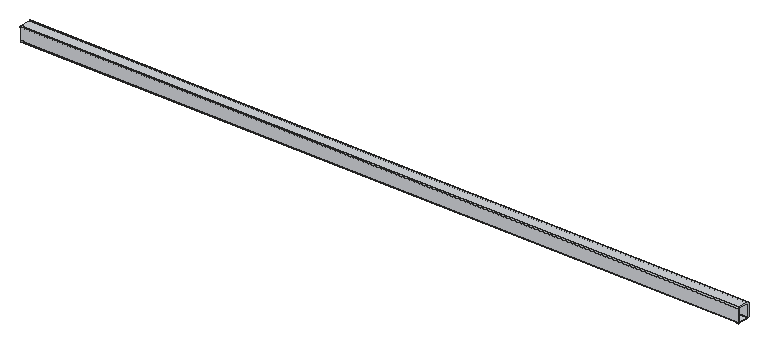
Revit family "CENTUM Profil XL 120 6m quer L2D", category HLS-Bauteile, Revit 2023
Family settings
  Bemaßung runder Anschluss = Durchmesser verwenden
  Teiletyp = Normal
  Arbeitsebenenbasiert = Ja
  Immer vertikal = Nein
  Beim Laden mit Abzugskörper schneiden = Nein
  Beschriftungsausrichtung beibehalten = Nein
  Gemeinsam genutzt = Ja
  Raumberechnungspunkt = Nein
Parameters (values of type "Centum Profil XL120 L=6000 L2D")
  vpe = "6"
  Widerstandsmoment Wz = "47.44 cm³"
  Widerstandsmoment Wy = "51.76 cm³"
  Default Elevation = 1219.2 mm
  Trägheitsradius iz = "4.05 cm"
  Trägheitsradius iy = "4.64 cm"
  Torsionswiderstandsmoment Wt = "89.10 cm³"
  Stärke = 4 mm
  Streckgrenze = "235 N/mm²"
  Schwerpunktabstand ez = " cm"
  Schwerpunktabstand eu = " cm"
  Schwerpunktabstand eo = " cm"
  Schlitzbreite = " mm"
  Regelhalter [instance] = ""
  Profiltyp = "XL 120"
  Profil = "CENTUM"
  Oberflaeche = "feuerstückverzinkt"
  Montagelänge [instance] = 6000 mm
  Mengeneinheit = "m"
  Materialname = "S275"
  Material = "Stahl"
  Länge = 6000 mm
  Lochdurchmesser = " mm"
  Langloch = "14.0 x 65.0 mm"
  Kurztext2 = "100 / 120 / 4 mm L= 6 m fsv"
  Kurztext1 = "Montageprofil CENTUM XL 120"
  Höhe = "120 mm"
  Gewicht pro Stück [instance] = (Gewicht * Montagelänge / (1000 mm * 1000 mm)) * 1000 mm  # 73.20 kg
  Gewicht pro Bauteil [instance] = Gewicht pro Stück  # 73.20 kg
  Gewicht = 12.20 kg
  Gesamtlänge [instance] = Montagelänge  # 6000 mm
  Gesamtgewicht [instance] = Gewicht pro Bauteil  # 73.20 kg
  Fläche (schwächster Profilquerschnitt) = 0.001445 m²
  Firma = "MEFA Befestigungs- und Montagesysteme GmbH"
  Fabrikat = "MEFA"
  Erweiterung Langloch = " mm"
  EAN = "4250928436641"
  Bund = "72 m"
  Breite = 100 mm
  Artikelnummer = "16012060"
  Anzahl Langloch [instance] = Montagelänge / 80 mm  # 75
  Abmessung = "100/120/4.0 mm"
Reference planes
  plane 1 "Mitte (Vorne/hinten)": y = 0
  plane 2: z = 0
  plane 3 "Mitte (Links/rechts)": x = 0
  plane 4: x = 6000
Forms (mm)
  Extrusion 1, solid, detail levels fine
    sketch origin (0, 0, 0) x (0, 1, 0) y (0, 0, 1)
      loop
        arc (44, 0) -> (48.243, 1.757) -> (50, 6) r 6
        line (50, 6) -> (50, 114)
        arc (50, 114) -> (48.243, 118.243) -> (44, 120) r 6
        line (44, 120) -> (-44, 120)
        arc (-44, 120) -> (-48.243, 118.243) -> (-50, 114) r 6
        line (-50, 114) -> (-50, 6)
        arc (-50, 6) -> (-48.243, 1.757) -> (-44, 0) r 6
        line (-44, 0) -> (44, 0)
      loop
        arc (46, 114) -> (45.414, 115.414) -> (44, 116) r 2
        line (44, 116) -> (-44, 116)
        arc (-44, 116) -> (-45.414, 115.414) -> (-46, 114) r 2
        line (-46, 114) -> (-46, 6)
        arc (-46, 6) -> (-45.414, 4.586) -> (-44, 4) r 2
        line (-44, 4) -> (44, 4)
        arc (44, 4) -> (45.414, 4.586) -> (46, 6) r 2
        line (46, 6) -> (46, 114)
    from 0 to 6000
  Extrusion 2, solid, detail levels medium
    sketch origin (0, 0, 0) x (0, 1, 0) y (0, 0, 1)
      loop
        line (50, 0) -> (50, 120) -> (-50, 120) -> (-50, 0) -> (50, 0)
      loop
        line (46, 116) -> (-46, 116) -> (-46, 4) -> (46, 4) -> (46, 116)
    from 0 to 6000
  Extrusion 3, solid, detail levels coarse
    sketch origin (0, 0, 0) x (0, 1, 0) y (0, 0, 1)
      loop
        line (50, 0) -> (50, 120) -> (-50, 120) -> (-50, 0) -> (50, 0)
    from 0 to 6000
Lines and regions (mm)
  model lines
    curve 1: line (0, 0, 130) -> (0, 0, -10)
    curve 2: line (0, -70, 60) -> (0, 70, 60)
Dimensions and locks
  "Montagelänge": plane 4 to plane 3 "Mitte (Links/rechts)"
  Extrusion 1 sketch curve to Extrusion 1 sketch curve = 120 mm
  Extrusion 2 sketch curve to Extrusion 2 sketch curve = 120 mm
  Extrusion 3 sketch curve to Extrusion 3 sketch curve = 120 mm
  equal spacing: group 1, group 2, group 3, group 4, group 5, group 6, group 7, group 8, group 9, group 10, group 11, group 12, group 13, group 14, group 15, group 16, group 17, group 18, group 19, group 20, group 21, group 22, group 23, group 24, group 25, group 26, group 27, group 28, group 29, group 30, group 31, group 32, group 33, group 34, group 35, group 36, group 37, group 38, group 39, group 40, group 41, group 42, group 43, group 44, group 45, group 46, group 47, group 48, group 49, group 50, group 51, group 52, group 53, group 54, group 55, group 56, group 57, group 58, group 59, group 60, group 61, group 62, group 63, group 64, group 65, group 66, group 67, group 68, group 69, group 70, group 71, group 72, group 73, group 74, group 75  (x3)
  aligned and locked: level to plane 2
  aligned and locked: plane 4 to Extrusion 1
  aligned and locked: Extrusion 3 to Extrusion 1
  aligned and locked: Extrusion 2 to Extrusion 1
  aligned and locked: nested 1 to curve 1
  aligned and locked: nested 2 to nested 1
  aligned and locked: nested 2 to curve 2
  aligned and locked: nested 3 to curve 1
  aligned and locked: nested 3 to nested 2
  aligned and locked: nested 4 to curve 2
  aligned and locked: nested 1 to nested 4
  aligned and locked: nested 6 to nested 5
  aligned and locked: nested 7 to nested 6
  aligned and locked: nested 5 to nested 8
  aligned and locked: nested 10 to nested 9
  aligned and locked: nested 11 to nested 10
  aligned and locked: nested 9 to nested 12
  aligned and locked: nested 14 to nested 13
  aligned and locked: nested 15 to nested 14
  aligned and locked: nested 13 to nested 16
  aligned and locked: nested 18 to nested 17
  aligned and locked: nested 19 to nested 18
  aligned and locked: nested 17 to nested 20
  aligned and locked: nested 22 to nested 21
  aligned and locked: nested 23 to nested 22
  aligned and locked: nested 21 to nested 24
  aligned and locked: nested 26 to nested 25
  aligned and locked: nested 27 to nested 26
  aligned and locked: nested 25 to nested 28
  aligned and locked: nested 30 to nested 29
  aligned and locked: nested 31 to nested 30
  aligned and locked: nested 29 to nested 32
  aligned and locked: nested 34 to nested 33
  aligned and locked: nested 35 to nested 34
  aligned and locked: nested 33 to nested 36
  aligned and locked: nested 38 to nested 37
  aligned and locked: nested 39 to nested 38
  aligned and locked: nested 37 to nested 40
  aligned and locked: nested 42 to nested 41
  aligned and locked: nested 43 to nested 42
  aligned and locked: nested 41 to nested 44
  aligned and locked: nested 46 to nested 45
  aligned and locked: nested 47 to nested 46
  aligned and locked: nested 45 to nested 48
  aligned and locked: nested 50 to nested 49
  aligned and locked: nested 51 to nested 50
  aligned and locked: nested 49 to nested 52
  aligned and locked: nested 54 to nested 53
  aligned and locked: nested 55 to nested 54
  aligned and locked: nested 53 to nested 56
  aligned and locked: nested 58 to nested 57
  aligned and locked: nested 59 to nested 58
  aligned and locked: nested 57 to nested 60
  aligned and locked: nested 62 to nested 61
  aligned and locked: nested 63 to nested 62
  aligned and locked: nested 61 to nested 64
  aligned and locked: nested 66 to nested 65
  aligned and locked: nested 67 to nested 66
  aligned and locked: nested 65 to nested 68
  aligned and locked: nested 70 to nested 69
  aligned and locked: nested 71 to nested 70
  aligned and locked: nested 69 to nested 72
  aligned and locked: nested 74 to nested 73
  aligned and locked: nested 75 to nested 74
  aligned and locked: nested 73 to nested 76
  aligned and locked: nested 78 to nested 77
  aligned and locked: nested 79 to nested 78
  aligned and locked: nested 77 to nested 80
  aligned and locked: nested 82 to nested 81
  aligned and locked: nested 83 to nested 82
  aligned and locked: nested 81 to nested 84
  aligned and locked: nested 86 to nested 85
  aligned and locked: nested 87 to nested 86
  aligned and locked: nested 85 to nested 88
  aligned and locked: nested 90 to nested 89
  aligned and locked: nested 91 to nested 90
  aligned and locked: nested 89 to nested 92
  aligned and locked: nested 94 to nested 93
  aligned and locked: nested 95 to nested 94
  aligned and locked: nested 93 to nested 96
  aligned and locked: nested 98 to nested 97
  aligned and locked: nested 99 to nested 98
  aligned and locked: nested 97 to nested 100
  aligned and locked: nested 102 to nested 101
  aligned and locked: nested 103 to nested 102
  aligned and locked: nested 101 to nested 104
  aligned and locked: nested 106 to nested 105
  aligned and locked: nested 107 to nested 106
  aligned and locked: nested 105 to nested 108
  aligned and locked: nested 110 to nested 109
  aligned and locked: nested 111 to nested 110
  aligned and locked: nested 109 to nested 112
  aligned and locked: nested 114 to nested 113
  aligned and locked: nested 115 to nested 114
  aligned and locked: nested 113 to nested 116
  aligned and locked: nested 118 to nested 117
  aligned and locked: nested 119 to nested 118
  aligned and locked: nested 117 to nested 120
  aligned and locked: nested 122 to nested 121
  aligned and locked: nested 123 to nested 122
  aligned and locked: nested 121 to nested 124
  aligned and locked: nested 126 to nested 125
  aligned and locked: nested 127 to nested 126
  aligned and locked: nested 125 to nested 128
  aligned and locked: nested 130 to nested 129
  aligned and locked: nested 131 to nested 130
  aligned and locked: nested 129 to nested 132
  aligned and locked: nested 134 to nested 133
  aligned and locked: nested 135 to nested 134
  aligned and locked: nested 133 to nested 136
  aligned and locked: nested 138 to nested 137
  aligned and locked: nested 139 to nested 138
  aligned and locked: nested 137 to nested 140
  aligned and locked: nested 142 to nested 141
  aligned and locked: nested 143 to nested 142
  aligned and locked: nested 141 to nested 144
  aligned and locked: nested 146 to nested 145
  aligned and locked: nested 147 to nested 146
  aligned and locked: nested 145 to nested 148
  aligned and locked: nested 150 to nested 149
  aligned and locked: nested 151 to nested 150
  aligned and locked: nested 149 to nested 152
  aligned and locked: nested 154 to nested 153
  aligned and locked: nested 155 to nested 154
  aligned and locked: nested 153 to nested 156
  aligned and locked: nested 158 to nested 157
  aligned and locked: nested 159 to nested 158
  aligned and locked: nested 157 to nested 160
  aligned and locked: nested 162 to nested 161
  aligned and locked: nested 163 to nested 162
  aligned and locked: nested 161 to nested 164
  aligned and locked: nested 166 to nested 165
  aligned and locked: nested 167 to nested 166
  aligned and locked: nested 165 to nested 168
  aligned and locked: nested 170 to nested 169
  aligned and locked: nested 171 to nested 170
  aligned and locked: nested 169 to nested 172
  aligned and locked: nested 174 to nested 173
  aligned and locked: nested 175 to nested 174
  aligned and locked: nested 173 to nested 176
  aligned and locked: nested 178 to nested 177
  aligned and locked: nested 179 to nested 178
  aligned and locked: nested 177 to nested 180
  aligned and locked: nested 182 to nested 181
  aligned and locked: nested 183 to nested 182
  aligned and locked: nested 181 to nested 184
  aligned and locked: nested 186 to nested 185
  aligned and locked: nested 187 to nested 186
  aligned and locked: nested 185 to nested 188
  aligned and locked: nested 190 to nested 189
  aligned and locked: nested 191 to nested 190
  aligned and locked: nested 189 to nested 192
  aligned and locked: nested 194 to nested 193
  aligned and locked: nested 195 to nested 194
  aligned and locked: nested 193 to nested 196
  aligned and locked: nested 198 to nested 197
  aligned and locked: nested 199 to nested 198
  aligned and locked: nested 197 to nested 200
  aligned and locked: nested 202 to nested 201
  aligned and locked: nested 203 to nested 202
  aligned and locked: nested 201 to nested 204
  aligned and locked: nested 206 to nested 205
  aligned and locked: nested 207 to nested 206
  aligned and locked: nested 205 to nested 208
  aligned and locked: nested 210 to nested 209
  aligned and locked: nested 211 to nested 210
  aligned and locked: nested 209 to nested 212
  aligned and locked: nested 214 to nested 213
  aligned and locked: nested 215 to nested 214
  aligned and locked: nested 213 to nested 216
  aligned and locked: nested 218 to nested 217
  aligned and locked: nested 219 to nested 218
  aligned and locked: nested 217 to nested 220
  aligned and locked: nested 222 to nested 221
  aligned and locked: nested 223 to nested 222
  aligned and locked: nested 221 to nested 224
  aligned and locked: nested 226 to nested 225
  aligned and locked: nested 227 to nested 226
  aligned and locked: nested 225 to nested 228
  aligned and locked: nested 230 to nested 229
  aligned and locked: nested 231 to nested 230
  aligned and locked: nested 229 to nested 232
  aligned and locked: nested 234 to nested 233
  aligned and locked: nested 235 to nested 234
  aligned and locked: nested 233 to nested 236
  aligned and locked: nested 238 to nested 237
  aligned and locked: nested 239 to nested 238
  aligned and locked: nested 237 to nested 240
  aligned and locked: nested 242 to nested 241
  aligned and locked: nested 243 to nested 242
  aligned and locked: nested 241 to nested 244
  aligned and locked: nested 246 to nested 245
  aligned and locked: nested 247 to nested 246
  aligned and locked: nested 245 to nested 248
  aligned and locked: nested 250 to nested 249
  aligned and locked: nested 251 to nested 250
  aligned and locked: nested 249 to nested 252
  aligned and locked: nested 254 to nested 253
  aligned and locked: nested 255 to nested 254
  aligned and locked: nested 253 to nested 256
  aligned and locked: nested 258 to nested 257
  aligned and locked: nested 259 to nested 258
  aligned and locked: nested 257 to nested 260
  aligned and locked: nested 262 to nested 261
  aligned and locked: nested 263 to nested 262
  aligned and locked: nested 261 to nested 264
  aligned and locked: nested 266 to nested 265
  aligned and locked: nested 267 to nested 266
  aligned and locked: nested 265 to nested 268
  aligned and locked: nested 270 to nested 269
  aligned and locked: nested 271 to nested 270
  aligned and locked: nested 269 to nested 272
  aligned and locked: nested 274 to nested 273
  aligned and locked: nested 275 to nested 274
  aligned and locked: nested 273 to nested 276
  aligned and locked: nested 278 to nested 277
  aligned and locked: nested 279 to nested 278
  aligned and locked: nested 277 to nested 280
  aligned and locked: nested 282 to nested 281
  aligned and locked: nested 283 to nested 282
  aligned and locked: nested 281 to nested 284
  aligned and locked: nested 286 to nested 285
  aligned and locked: nested 287 to nested 286
  aligned and locked: nested 285 to nested 288
  aligned and locked: nested 290 to nested 289
  aligned and locked: nested 291 to nested 290
  aligned and locked: nested 289 to nested 292
  aligned and locked: nested 294 to nested 293
  aligned and locked: nested 295 to nested 294
  aligned and locked: nested 293 to nested 296
  aligned and locked: nested 298 to nested 297
  aligned and locked: nested 299 to nested 298
  aligned and locked: nested 297 to nested 300
Automatic sketch dimensions
  Extrusion 1 sketch curve to Extrusion 1 sketch curve = 0 mm  (x8)
  Extrusion 1 sketch curve to level = 0 mm
  level to Extrusion 1 sketch curve = 6 mm  (x2)
  plane 1 "Mitte (Vorne/hinten)" to Extrusion 1 sketch curve = 50 mm
  Extrusion 1 sketch curve to Extrusion 1 sketch curve = 2 mm  (x2)
  Extrusion 1 sketch curve to plane 1 "Mitte (Vorne/hinten)" = 44 mm  (x2)
  curve 1 to plane 1 "Mitte (Vorne/hinten)" = 0 mm
  curve 1 to level = 10 mm
  level to curve 1 = 130 mm
  plane 1 "Mitte (Vorne/hinten)" to curve 2 = 70 mm
  curve 2 to plane 1 "Mitte (Vorne/hinten)" = 70 mm
  level to curve 2 = 60 mm
  plane 1 "Mitte (Vorne/hinten)" to Extrusion 2 sketch curve = 50 mm
  Extrusion 2 sketch curve to Extrusion 2 sketch curve = 4 mm  (x3)
  level to Extrusion 2 sketch curve = 4 mm
  Extrusion 2 sketch curve to plane 1 "Mitte (Vorne/hinten)" = 50 mm
  level to Extrusion 2 sketch curve = 0 mm
  Extrusion 3 sketch curve to level = 0 mm
  plane 1 "Mitte (Vorne/hinten)" to Extrusion 3 sketch curve = 50 mm
  Extrusion 3 sketch curve to plane 1 "Mitte (Vorne/hinten)" = 50 mm
Nested families
  nested 1: "Langloch 14 x 65 2D" at (40, 0, 120) x (-1, 0, 0) z (0, 0, 1), type "Langloch 14 x 65 2D", detail levels fine
  nested 2: "Langloch 14 x 65 2D" at (40, -50, 60) x (-1, 0, 0) z (0, -1, 0), type "Langloch 14 x 65 2D", detail levels fine
  nested 3: "Langloch 14 x 65 2D" at (40, 0, 0) x (-1, 0, 0) z (0, 0, -1), type "Langloch 14 x 65 2D", detail levels fine
  nested 4: "Langloch 14 x 65 2D" at (40, 50, 60) x (-1, 0, 0) z (0, 1, 0), type "Langloch 14 x 65 2D", detail levels fine
  nested 5: "Langloch 14 x 65 2D" at (120, 0, 120) x (-1, 0, 0) z (0, 0, 1), type "Langloch 14 x 65 2D", detail levels fine
  nested 6: "Langloch 14 x 65 2D" at (120, -50, 60) x (-1, 0, 0) z (0, -1, 0), type "Langloch 14 x 65 2D", detail levels fine
  nested 7: "Langloch 14 x 65 2D" at (120, 0, 0) x (-1, 0, 0) z (0, 0, -1), type "Langloch 14 x 65 2D", detail levels fine
  nested 8: "Langloch 14 x 65 2D" at (120, 50, 60) x (-1, 0, 0) z (0, 1, 0), type "Langloch 14 x 65 2D", detail levels fine
  nested 9: "Langloch 14 x 65 2D" at (200, 0, 120) x (-1, 0, 0) z (0, 0, 1), type "Langloch 14 x 65 2D", detail levels fine
  nested 10: "Langloch 14 x 65 2D" at (200, -50, 60) x (-1, 0, 0) z (0, -1, 0), type "Langloch 14 x 65 2D", detail levels fine
  nested 11: "Langloch 14 x 65 2D" at (200, 0, 0) x (-1, 0, 0) z (0, 0, -1), type "Langloch 14 x 65 2D", detail levels fine
  nested 12: "Langloch 14 x 65 2D" at (200, 50, 60) x (-1, 0, 0) z (0, 1, 0), type "Langloch 14 x 65 2D", detail levels fine
  nested 13: "Langloch 14 x 65 2D" at (280, 0, 120) x (-1, 0, 0) z (0, 0, 1), type "Langloch 14 x 65 2D", detail levels fine
  nested 14: "Langloch 14 x 65 2D" at (280, -50, 60) x (-1, 0, 0) z (0, -1, 0), type "Langloch 14 x 65 2D", detail levels fine
  nested 15: "Langloch 14 x 65 2D" at (280, 0, 0) x (-1, 0, 0) z (0, 0, -1), type "Langloch 14 x 65 2D", detail levels fine
  nested 16: "Langloch 14 x 65 2D" at (280, 50, 60) x (-1, 0, 0) z (0, 1, 0), type "Langloch 14 x 65 2D", detail levels fine
  nested 17: "Langloch 14 x 65 2D" at (360, 0, 120) x (-1, 0, 0) z (0, 0, 1), type "Langloch 14 x 65 2D", detail levels fine
  nested 18: "Langloch 14 x 65 2D" at (360, -50, 60) x (-1, 0, 0) z (0, -1, 0), type "Langloch 14 x 65 2D", detail levels fine
  nested 19: "Langloch 14 x 65 2D" at (360, 0, 0) x (-1, 0, 0) z (0, 0, -1), type "Langloch 14 x 65 2D", detail levels fine
  nested 20: "Langloch 14 x 65 2D" at (360, 50, 60) x (-1, 0, 0) z (0, 1, 0), type "Langloch 14 x 65 2D", detail levels fine
  nested 21: "Langloch 14 x 65 2D" at (440, 0, 120) x (-1, 0, 0) z (0, 0, 1), type "Langloch 14 x 65 2D", detail levels fine
  nested 22: "Langloch 14 x 65 2D" at (440, -50, 60) x (-1, 0, 0) z (0, -1, 0), type "Langloch 14 x 65 2D", detail levels fine
  nested 23: "Langloch 14 x 65 2D" at (440, 0, 0) x (-1, 0, 0) z (0, 0, -1), type "Langloch 14 x 65 2D", detail levels fine
  nested 24: "Langloch 14 x 65 2D" at (440, 50, 60) x (-1, 0, 0) z (0, 1, 0), type "Langloch 14 x 65 2D", detail levels fine
  nested 25: "Langloch 14 x 65 2D" at (520, 0, 120) x (-1, 0, 0) z (0, 0, 1), type "Langloch 14 x 65 2D", detail levels fine
  nested 26: "Langloch 14 x 65 2D" at (520, -50, 60) x (-1, 0, 0) z (0, -1, 0), type "Langloch 14 x 65 2D", detail levels fine
  nested 27: "Langloch 14 x 65 2D" at (520, 0, 0) x (-1, 0, 0) z (0, 0, -1), type "Langloch 14 x 65 2D", detail levels fine
  nested 28: "Langloch 14 x 65 2D" at (520, 50, 60) x (-1, 0, 0) z (0, 1, 0), type "Langloch 14 x 65 2D", detail levels fine
  nested 29: "Langloch 14 x 65 2D" at (600, 0, 120) x (-1, 0, 0) z (0, 0, 1), type "Langloch 14 x 65 2D", detail levels fine
  nested 30: "Langloch 14 x 65 2D" at (600, -50, 60) x (-1, 0, 0) z (0, -1, 0), type "Langloch 14 x 65 2D", detail levels fine
  nested 31: "Langloch 14 x 65 2D" at (600, 0, 0) x (-1, 0, 0) z (0, 0, -1), type "Langloch 14 x 65 2D", detail levels fine
  nested 32: "Langloch 14 x 65 2D" at (600, 50, 60) x (-1, 0, 0) z (0, 1, 0), type "Langloch 14 x 65 2D", detail levels fine
  nested 33: "Langloch 14 x 65 2D" at (680, 0, 120) x (-1, 0, 0) z (0, 0, 1), type "Langloch 14 x 65 2D", detail levels fine
  nested 34: "Langloch 14 x 65 2D" at (680, -50, 60) x (-1, 0, 0) z (0, -1, 0), type "Langloch 14 x 65 2D", detail levels fine
  nested 35: "Langloch 14 x 65 2D" at (680, 0, 0) x (-1, 0, 0) z (0, 0, -1), type "Langloch 14 x 65 2D", detail levels fine
  nested 36: "Langloch 14 x 65 2D" at (680, 50, 60) x (-1, 0, 0) z (0, 1, 0), type "Langloch 14 x 65 2D", detail levels fine
  nested 37: "Langloch 14 x 65 2D" at (760, 0, 120) x (-1, 0, 0) z (0, 0, 1), type "Langloch 14 x 65 2D", detail levels fine
  nested 38: "Langloch 14 x 65 2D" at (760, -50, 60) x (-1, 0, 0) z (0, -1, 0), type "Langloch 14 x 65 2D", detail levels fine
  nested 39: "Langloch 14 x 65 2D" at (760, 0, 0) x (-1, 0, 0) z (0, 0, -1), type "Langloch 14 x 65 2D", detail levels fine
  nested 40: "Langloch 14 x 65 2D" at (760, 50, 60) x (-1, 0, 0) z (0, 1, 0), type "Langloch 14 x 65 2D", detail levels fine
  nested 41: "Langloch 14 x 65 2D" at (840, 0, 120) x (-1, 0, 0) z (0, 0, 1), type "Langloch 14 x 65 2D", detail levels fine
  nested 42: "Langloch 14 x 65 2D" at (840, -50, 60) x (-1, 0, 0) z (0, -1, 0), type "Langloch 14 x 65 2D", detail levels fine
  nested 43: "Langloch 14 x 65 2D" at (840, 0, 0) x (-1, 0, 0) z (0, 0, -1), type "Langloch 14 x 65 2D", detail levels fine
  nested 44: "Langloch 14 x 65 2D" at (840, 50, 60) x (-1, 0, 0) z (0, 1, 0), type "Langloch 14 x 65 2D", detail levels fine
  nested 45: "Langloch 14 x 65 2D" at (920, 0, 120) x (-1, 0, 0) z (0, 0, 1), type "Langloch 14 x 65 2D", detail levels fine
  nested 46: "Langloch 14 x 65 2D" at (920, -50, 60) x (-1, 0, 0) z (0, -1, 0), type "Langloch 14 x 65 2D", detail levels fine
  nested 47: "Langloch 14 x 65 2D" at (920, 0, 0) x (-1, 0, 0) z (0, 0, -1), type "Langloch 14 x 65 2D", detail levels fine
  nested 48: "Langloch 14 x 65 2D" at (920, 50, 60) x (-1, 0, 0) z (0, 1, 0), type "Langloch 14 x 65 2D", detail levels fine
  nested 49: "Langloch 14 x 65 2D" at (1000, 0, 120) x (-1, 0, 0) z (0, 0, 1), type "Langloch 14 x 65 2D", detail levels fine
  nested 50: "Langloch 14 x 65 2D" at (1000, -50, 60) x (-1, 0, 0) z (0, -1, 0), type "Langloch 14 x 65 2D", detail levels fine
  nested 51: "Langloch 14 x 65 2D" at (1000, 0, 0) x (-1, 0, 0) z (0, 0, -1), type "Langloch 14 x 65 2D", detail levels fine
  nested 52: "Langloch 14 x 65 2D" at (1000, 50, 60) x (-1, 0, 0) z (0, 1, 0), type "Langloch 14 x 65 2D", detail levels fine
  nested 53: "Langloch 14 x 65 2D" at (1080, 0, 120) x (-1, 0, 0) z (0, 0, 1), type "Langloch 14 x 65 2D", detail levels fine
  nested 54: "Langloch 14 x 65 2D" at (1080, -50, 60) x (-1, 0, 0) z (0, -1, 0), type "Langloch 14 x 65 2D", detail levels fine
  nested 55: "Langloch 14 x 65 2D" at (1080, 0, 0) x (-1, 0, 0) z (0, 0, -1), type "Langloch 14 x 65 2D", detail levels fine
  nested 56: "Langloch 14 x 65 2D" at (1080, 50, 60) x (-1, 0, 0) z (0, 1, 0), type "Langloch 14 x 65 2D", detail levels fine
  nested 57: "Langloch 14 x 65 2D" at (1160, 0, 120) x (-1, 0, 0) z (0, 0, 1), type "Langloch 14 x 65 2D", detail levels fine
  nested 58: "Langloch 14 x 65 2D" at (1160, -50, 60) x (-1, 0, 0) z (0, -1, 0), type "Langloch 14 x 65 2D", detail levels fine
  nested 59: "Langloch 14 x 65 2D" at (1160, 0, 0) x (-1, 0, 0) z (0, 0, -1), type "Langloch 14 x 65 2D", detail levels fine
  nested 60: "Langloch 14 x 65 2D" at (1160, 50, 60) x (-1, 0, 0) z (0, 1, 0), type "Langloch 14 x 65 2D", detail levels fine
  nested 61: "Langloch 14 x 65 2D" at (1240, 0, 120) x (-1, 0, 0) z (0, 0, 1), type "Langloch 14 x 65 2D", detail levels fine
  nested 62: "Langloch 14 x 65 2D" at (1240, -50, 60) x (-1, 0, 0) z (0, -1, 0), type "Langloch 14 x 65 2D", detail levels fine
  nested 63: "Langloch 14 x 65 2D" at (1240, 0, 0) x (-1, 0, 0) z (0, 0, -1), type "Langloch 14 x 65 2D", detail levels fine
  nested 64: "Langloch 14 x 65 2D" at (1240, 50, 60) x (-1, 0, 0) z (0, 1, 0), type "Langloch 14 x 65 2D", detail levels fine
  nested 65: "Langloch 14 x 65 2D" at (1320, 0, 120) x (-1, 0, 0) z (0, 0, 1), type "Langloch 14 x 65 2D", detail levels fine
  nested 66: "Langloch 14 x 65 2D" at (1320, -50, 60) x (-1, 0, 0) z (0, -1, 0), type "Langloch 14 x 65 2D", detail levels fine
  nested 67: "Langloch 14 x 65 2D" at (1320, 0, 0) x (-1, 0, 0) z (0, 0, -1), type "Langloch 14 x 65 2D", detail levels fine
  nested 68: "Langloch 14 x 65 2D" at (1320, 50, 60) x (-1, 0, 0) z (0, 1, 0), type "Langloch 14 x 65 2D", detail levels fine
  nested 69: "Langloch 14 x 65 2D" at (1400, 0, 120) x (-1, 0, 0) z (0, 0, 1), type "Langloch 14 x 65 2D", detail levels fine
  nested 70: "Langloch 14 x 65 2D" at (1400, -50, 60) x (-1, 0, 0) z (0, -1, 0), type "Langloch 14 x 65 2D", detail levels fine
  nested 71: "Langloch 14 x 65 2D" at (1400, 0, 0) x (-1, 0, 0) z (0, 0, -1), type "Langloch 14 x 65 2D", detail levels fine
  nested 72: "Langloch 14 x 65 2D" at (1400, 50, 60) x (-1, 0, 0) z (0, 1, 0), type "Langloch 14 x 65 2D", detail levels fine
  nested 73: "Langloch 14 x 65 2D" at (1480, 0, 120) x (-1, 0, 0) z (0, 0, 1), type "Langloch 14 x 65 2D", detail levels fine
  nested 74: "Langloch 14 x 65 2D" at (1480, -50, 60) x (-1, 0, 0) z (0, -1, 0), type "Langloch 14 x 65 2D", detail levels fine
  nested 75: "Langloch 14 x 65 2D" at (1480, 0, 0) x (-1, 0, 0) z (0, 0, -1), type "Langloch 14 x 65 2D", detail levels fine
  nested 76: "Langloch 14 x 65 2D" at (1480, 50, 60) x (-1, 0, 0) z (0, 1, 0), type "Langloch 14 x 65 2D", detail levels fine
  nested 77: "Langloch 14 x 65 2D" at (1560, 0, 120) x (-1, 0, 0) z (0, 0, 1), type "Langloch 14 x 65 2D", detail levels fine
  nested 78: "Langloch 14 x 65 2D" at (1560, -50, 60) x (-1, 0, 0) z (0, -1, 0), type "Langloch 14 x 65 2D", detail levels fine
  nested 79: "Langloch 14 x 65 2D" at (1560, 0, 0) x (-1, 0, 0) z (0, 0, -1), type "Langloch 14 x 65 2D", detail levels fine
  nested 80: "Langloch 14 x 65 2D" at (1560, 50, 60) x (-1, 0, 0) z (0, 1, 0), type "Langloch 14 x 65 2D", detail levels fine
  nested 81: "Langloch 14 x 65 2D" at (1640, 0, 120) x (-1, 0, 0) z (0, 0, 1), type "Langloch 14 x 65 2D", detail levels fine
  nested 82: "Langloch 14 x 65 2D" at (1640, -50, 60) x (-1, 0, 0) z (0, -1, 0), type "Langloch 14 x 65 2D", detail levels fine
  nested 83: "Langloch 14 x 65 2D" at (1640, 0, 0) x (-1, 0, 0) z (0, 0, -1), type "Langloch 14 x 65 2D", detail levels fine
  nested 84: "Langloch 14 x 65 2D" at (1640, 50, 60) x (-1, 0, 0) z (0, 1, 0), type "Langloch 14 x 65 2D", detail levels fine
  nested 85: "Langloch 14 x 65 2D" at (1720, 0, 120) x (-1, 0, 0) z (0, 0, 1), type "Langloch 14 x 65 2D", detail levels fine
  nested 86: "Langloch 14 x 65 2D" at (1720, -50, 60) x (-1, 0, 0) z (0, -1, 0), type "Langloch 14 x 65 2D", detail levels fine
  nested 87: "Langloch 14 x 65 2D" at (1720, 0, 0) x (-1, 0, 0) z (0, 0, -1), type "Langloch 14 x 65 2D", detail levels fine
  nested 88: "Langloch 14 x 65 2D" at (1720, 50, 60) x (-1, 0, 0) z (0, 1, 0), type "Langloch 14 x 65 2D", detail levels fine
  nested 89: "Langloch 14 x 65 2D" at (1800, 0, 120) x (-1, 0, 0) z (0, 0, 1), type "Langloch 14 x 65 2D", detail levels fine
  nested 90: "Langloch 14 x 65 2D" at (1800, -50, 60) x (-1, 0, 0) z (0, -1, 0), type "Langloch 14 x 65 2D", detail levels fine
  nested 91: "Langloch 14 x 65 2D" at (1800, 0, 0) x (-1, 0, 0) z (0, 0, -1), type "Langloch 14 x 65 2D", detail levels fine
  nested 92: "Langloch 14 x 65 2D" at (1800, 50, 60) x (-1, 0, 0) z (0, 1, 0), type "Langloch 14 x 65 2D", detail levels fine
  nested 93: "Langloch 14 x 65 2D" at (1880, 0, 120) x (-1, 0, 0) z (0, 0, 1), type "Langloch 14 x 65 2D", detail levels fine
  nested 94: "Langloch 14 x 65 2D" at (1880, -50, 60) x (-1, 0, 0) z (0, -1, 0), type "Langloch 14 x 65 2D", detail levels fine
  nested 95: "Langloch 14 x 65 2D" at (1880, 0, 0) x (-1, 0, 0) z (0, 0, -1), type "Langloch 14 x 65 2D", detail levels fine
  nested 96: "Langloch 14 x 65 2D" at (1880, 50, 60) x (-1, 0, 0) z (0, 1, 0), type "Langloch 14 x 65 2D", detail levels fine
  nested 97: "Langloch 14 x 65 2D" at (1960, 0, 120) x (-1, 0, 0) z (0, 0, 1), type "Langloch 14 x 65 2D", detail levels fine
  nested 98: "Langloch 14 x 65 2D" at (1960, -50, 60) x (-1, 0, 0) z (0, -1, 0), type "Langloch 14 x 65 2D", detail levels fine
  nested 99: "Langloch 14 x 65 2D" at (1960, 0, 0) x (-1, 0, 0) z (0, 0, -1), type "Langloch 14 x 65 2D", detail levels fine
  nested 100: "Langloch 14 x 65 2D" at (1960, 50, 60) x (-1, 0, 0) z (0, 1, 0), type "Langloch 14 x 65 2D", detail levels fine
  nested 101: "Langloch 14 x 65 2D" at (2040, 0, 120) x (-1, 0, 0) z (0, 0, 1), type "Langloch 14 x 65 2D", detail levels fine
  nested 102: "Langloch 14 x 65 2D" at (2040, -50, 60) x (-1, 0, 0) z (0, -1, 0), type "Langloch 14 x 65 2D", detail levels fine
  nested 103: "Langloch 14 x 65 2D" at (2040, 0, 0) x (-1, 0, 0) z (0, 0, -1), type "Langloch 14 x 65 2D", detail levels fine
  nested 104: "Langloch 14 x 65 2D" at (2040, 50, 60) x (-1, 0, 0) z (0, 1, 0), type "Langloch 14 x 65 2D", detail levels fine
  nested 105: "Langloch 14 x 65 2D" at (2120, 0, 120) x (-1, 0, 0) z (0, 0, 1), type "Langloch 14 x 65 2D", detail levels fine
  nested 106: "Langloch 14 x 65 2D" at (2120, -50, 60) x (-1, 0, 0) z (0, -1, 0), type "Langloch 14 x 65 2D", detail levels fine
  nested 107: "Langloch 14 x 65 2D" at (2120, 0, 0) x (-1, 0, 0) z (0, 0, -1), type "Langloch 14 x 65 2D", detail levels fine
  nested 108: "Langloch 14 x 65 2D" at (2120, 50, 60) x (-1, 0, 0) z (0, 1, 0), type "Langloch 14 x 65 2D", detail levels fine
  nested 109: "Langloch 14 x 65 2D" at (2200, 0, 120) x (-1, 0, 0) z (0, 0, 1), type "Langloch 14 x 65 2D", detail levels fine
  nested 110: "Langloch 14 x 65 2D" at (2200, -50, 60) x (-1, 0, 0) z (0, -1, 0), type "Langloch 14 x 65 2D", detail levels fine
  nested 111: "Langloch 14 x 65 2D" at (2200, 0, 0) x (-1, 0, 0) z (0, 0, -1), type "Langloch 14 x 65 2D", detail levels fine
  nested 112: "Langloch 14 x 65 2D" at (2200, 50, 60) x (-1, 0, 0) z (0, 1, 0), type "Langloch 14 x 65 2D", detail levels fine
  nested 113: "Langloch 14 x 65 2D" at (2280, 0, 120) x (-1, 0, 0) z (0, 0, 1), type "Langloch 14 x 65 2D", detail levels fine
  nested 114: "Langloch 14 x 65 2D" at (2280, -50, 60) x (-1, 0, 0) z (0, -1, 0), type "Langloch 14 x 65 2D", detail levels fine
  nested 115: "Langloch 14 x 65 2D" at (2280, 0, 0) x (-1, 0, 0) z (0, 0, -1), type "Langloch 14 x 65 2D", detail levels fine
  nested 116: "Langloch 14 x 65 2D" at (2280, 50, 60) x (-1, 0, 0) z (0, 1, 0), type "Langloch 14 x 65 2D", detail levels fine
  nested 117: "Langloch 14 x 65 2D" at (2360, 0, 120) x (-1, 0, 0) z (0, 0, 1), type "Langloch 14 x 65 2D", detail levels fine
  nested 118: "Langloch 14 x 65 2D" at (2360, -50, 60) x (-1, 0, 0) z (0, -1, 0), type "Langloch 14 x 65 2D", detail levels fine
  nested 119: "Langloch 14 x 65 2D" at (2360, 0, 0) x (-1, 0, 0) z (0, 0, -1), type "Langloch 14 x 65 2D", detail levels fine
  nested 120: "Langloch 14 x 65 2D" at (2360, 50, 60) x (-1, 0, 0) z (0, 1, 0), type "Langloch 14 x 65 2D", detail levels fine
  nested 121: "Langloch 14 x 65 2D" at (2440, 0, 120) x (-1, 0, 0) z (0, 0, 1), type "Langloch 14 x 65 2D", detail levels fine
  nested 122: "Langloch 14 x 65 2D" at (2440, -50, 60) x (-1, 0, 0) z (0, -1, 0), type "Langloch 14 x 65 2D", detail levels fine
  nested 123: "Langloch 14 x 65 2D" at (2440, 0, 0) x (-1, 0, 0) z (0, 0, -1), type "Langloch 14 x 65 2D", detail levels fine
  nested 124: "Langloch 14 x 65 2D" at (2440, 50, 60) x (-1, 0, 0) z (0, 1, 0), type "Langloch 14 x 65 2D", detail levels fine
  nested 125: "Langloch 14 x 65 2D" at (2520, 0, 120) x (-1, 0, 0) z (0, 0, 1), type "Langloch 14 x 65 2D", detail levels fine
  nested 126: "Langloch 14 x 65 2D" at (2520, -50, 60) x (-1, 0, 0) z (0, -1, 0), type "Langloch 14 x 65 2D", detail levels fine
  nested 127: "Langloch 14 x 65 2D" at (2520, 0, 0) x (-1, 0, 0) z (0, 0, -1), type "Langloch 14 x 65 2D", detail levels fine
  nested 128: "Langloch 14 x 65 2D" at (2520, 50, 60) x (-1, 0, 0) z (0, 1, 0), type "Langloch 14 x 65 2D", detail levels fine
  nested 129: "Langloch 14 x 65 2D" at (2600, 0, 120) x (-1, 0, 0) z (0, 0, 1), type "Langloch 14 x 65 2D", detail levels fine
  nested 130: "Langloch 14 x 65 2D" at (2600, -50, 60) x (-1, 0, 0) z (0, -1, 0), type "Langloch 14 x 65 2D", detail levels fine
  nested 131: "Langloch 14 x 65 2D" at (2600, 0, 0) x (-1, 0, 0) z (0, 0, -1), type "Langloch 14 x 65 2D", detail levels fine
  nested 132: "Langloch 14 x 65 2D" at (2600, 50, 60) x (-1, 0, 0) z (0, 1, 0), type "Langloch 14 x 65 2D", detail levels fine
  nested 133: "Langloch 14 x 65 2D" at (2680, 0, 120) x (-1, 0, 0) z (0, 0, 1), type "Langloch 14 x 65 2D", detail levels fine
  nested 134: "Langloch 14 x 65 2D" at (2680, -50, 60) x (-1, 0, 0) z (0, -1, 0), type "Langloch 14 x 65 2D", detail levels fine
  nested 135: "Langloch 14 x 65 2D" at (2680, 0, 0) x (-1, 0, 0) z (0, 0, -1), type "Langloch 14 x 65 2D", detail levels fine
  nested 136: "Langloch 14 x 65 2D" at (2680, 50, 60) x (-1, 0, 0) z (0, 1, 0), type "Langloch 14 x 65 2D", detail levels fine
  nested 137: "Langloch 14 x 65 2D" at (2760, 0, 120) x (-1, 0, 0) z (0, 0, 1), type "Langloch 14 x 65 2D", detail levels fine
  nested 138: "Langloch 14 x 65 2D" at (2760, -50, 60) x (-1, 0, 0) z (0, -1, 0), type "Langloch 14 x 65 2D", detail levels fine
  nested 139: "Langloch 14 x 65 2D" at (2760, 0, 0) x (-1, 0, 0) z (0, 0, -1), type "Langloch 14 x 65 2D", detail levels fine
  nested 140: "Langloch 14 x 65 2D" at (2760, 50, 60) x (-1, 0, 0) z (0, 1, 0), type "Langloch 14 x 65 2D", detail levels fine
  nested 141: "Langloch 14 x 65 2D" at (2840, 0, 120) x (-1, 0, 0) z (0, 0, 1), type "Langloch 14 x 65 2D", detail levels fine
  nested 142: "Langloch 14 x 65 2D" at (2840, -50, 60) x (-1, 0, 0) z (0, -1, 0), type "Langloch 14 x 65 2D", detail levels fine
  nested 143: "Langloch 14 x 65 2D" at (2840, 0, 0) x (-1, 0, 0) z (0, 0, -1), type "Langloch 14 x 65 2D", detail levels fine
  nested 144: "Langloch 14 x 65 2D" at (2840, 50, 60) x (-1, 0, 0) z (0, 1, 0), type "Langloch 14 x 65 2D", detail levels fine
  nested 145: "Langloch 14 x 65 2D" at (2920, 0, 120) x (-1, 0, 0) z (0, 0, 1), type "Langloch 14 x 65 2D", detail levels fine
  nested 146: "Langloch 14 x 65 2D" at (2920, -50, 60) x (-1, 0, 0) z (0, -1, 0), type "Langloch 14 x 65 2D", detail levels fine
  nested 147: "Langloch 14 x 65 2D" at (2920, 0, 0) x (-1, 0, 0) z (0, 0, -1), type "Langloch 14 x 65 2D", detail levels fine
  nested 148: "Langloch 14 x 65 2D" at (2920, 50, 60) x (-1, 0, 0) z (0, 1, 0), type "Langloch 14 x 65 2D", detail levels fine
  nested 149: "Langloch 14 x 65 2D" at (3000, 0, 120) x (-1, 0, 0) z (0, 0, 1), type "Langloch 14 x 65 2D", detail levels fine
  nested 150: "Langloch 14 x 65 2D" at (3000, -50, 60) x (-1, 0, 0) z (0, -1, 0), type "Langloch 14 x 65 2D", detail levels fine
  nested 151: "Langloch 14 x 65 2D" at (3000, 0, 0) x (-1, 0, 0) z (0, 0, -1), type "Langloch 14 x 65 2D", detail levels fine
  nested 152: "Langloch 14 x 65 2D" at (3000, 50, 60) x (-1, 0, 0) z (0, 1, 0), type "Langloch 14 x 65 2D", detail levels fine
  nested 153: "Langloch 14 x 65 2D" at (3080, 0, 120) x (-1, 0, 0) z (0, 0, 1), type "Langloch 14 x 65 2D", detail levels fine
  nested 154: "Langloch 14 x 65 2D" at (3080, -50, 60) x (-1, 0, 0) z (0, -1, 0), type "Langloch 14 x 65 2D", detail levels fine
  nested 155: "Langloch 14 x 65 2D" at (3080, 0, 0) x (-1, 0, 0) z (0, 0, -1), type "Langloch 14 x 65 2D", detail levels fine
  nested 156: "Langloch 14 x 65 2D" at (3080, 50, 60) x (-1, 0, 0) z (0, 1, 0), type "Langloch 14 x 65 2D", detail levels fine
  nested 157: "Langloch 14 x 65 2D" at (3160, 0, 120) x (-1, 0, 0) z (0, 0, 1), type "Langloch 14 x 65 2D", detail levels fine
  nested 158: "Langloch 14 x 65 2D" at (3160, -50, 60) x (-1, 0, 0) z (0, -1, 0), type "Langloch 14 x 65 2D", detail levels fine
  nested 159: "Langloch 14 x 65 2D" at (3160, 0, 0) x (-1, 0, 0) z (0, 0, -1), type "Langloch 14 x 65 2D", detail levels fine
  nested 160: "Langloch 14 x 65 2D" at (3160, 50, 60) x (-1, 0, 0) z (0, 1, 0), type "Langloch 14 x 65 2D", detail levels fine
  nested 161: "Langloch 14 x 65 2D" at (3240, 0, 120) x (-1, 0, 0) z (0, 0, 1), type "Langloch 14 x 65 2D", detail levels fine
  nested 162: "Langloch 14 x 65 2D" at (3240, -50, 60) x (-1, 0, 0) z (0, -1, 0), type "Langloch 14 x 65 2D", detail levels fine
  nested 163: "Langloch 14 x 65 2D" at (3240, 0, 0) x (-1, 0, 0) z (0, 0, -1), type "Langloch 14 x 65 2D", detail levels fine
  nested 164: "Langloch 14 x 65 2D" at (3240, 50, 60) x (-1, 0, 0) z (0, 1, 0), type "Langloch 14 x 65 2D", detail levels fine
  nested 165: "Langloch 14 x 65 2D" at (3320, 0, 120) x (-1, 0, 0) z (0, 0, 1), type "Langloch 14 x 65 2D", detail levels fine
  nested 166: "Langloch 14 x 65 2D" at (3320, -50, 60) x (-1, 0, 0) z (0, -1, 0), type "Langloch 14 x 65 2D", detail levels fine
  nested 167: "Langloch 14 x 65 2D" at (3320, 0, 0) x (-1, 0, 0) z (0, 0, -1), type "Langloch 14 x 65 2D", detail levels fine
  nested 168: "Langloch 14 x 65 2D" at (3320, 50, 60) x (-1, 0, 0) z (0, 1, 0), type "Langloch 14 x 65 2D", detail levels fine
  nested 169: "Langloch 14 x 65 2D" at (3400, 0, 120) x (-1, 0, 0) z (0, 0, 1), type "Langloch 14 x 65 2D", detail levels fine
  nested 170: "Langloch 14 x 65 2D" at (3400, -50, 60) x (-1, 0, 0) z (0, -1, 0), type "Langloch 14 x 65 2D", detail levels fine
  nested 171: "Langloch 14 x 65 2D" at (3400, 0, 0) x (-1, 0, 0) z (0, 0, -1), type "Langloch 14 x 65 2D", detail levels fine
  nested 172: "Langloch 14 x 65 2D" at (3400, 50, 60) x (-1, 0, 0) z (0, 1, 0), type "Langloch 14 x 65 2D", detail levels fine
  nested 173: "Langloch 14 x 65 2D" at (3480, 0, 120) x (-1, 0, 0) z (0, 0, 1), type "Langloch 14 x 65 2D", detail levels fine
  nested 174: "Langloch 14 x 65 2D" at (3480, -50, 60) x (-1, 0, 0) z (0, -1, 0), type "Langloch 14 x 65 2D", detail levels fine
  nested 175: "Langloch 14 x 65 2D" at (3480, 0, 0) x (-1, 0, 0) z (0, 0, -1), type "Langloch 14 x 65 2D", detail levels fine
  nested 176: "Langloch 14 x 65 2D" at (3480, 50, 60) x (-1, 0, 0) z (0, 1, 0), type "Langloch 14 x 65 2D", detail levels fine
  nested 177: "Langloch 14 x 65 2D" at (3560, 0, 120) x (-1, 0, 0) z (0, 0, 1), type "Langloch 14 x 65 2D", detail levels fine
  nested 178: "Langloch 14 x 65 2D" at (3560, -50, 60) x (-1, 0, 0) z (0, -1, 0), type "Langloch 14 x 65 2D", detail levels fine
  nested 179: "Langloch 14 x 65 2D" at (3560, 0, 0) x (-1, 0, 0) z (0, 0, -1), type "Langloch 14 x 65 2D", detail levels fine
  nested 180: "Langloch 14 x 65 2D" at (3560, 50, 60) x (-1, 0, 0) z (0, 1, 0), type "Langloch 14 x 65 2D", detail levels fine
  nested 181: "Langloch 14 x 65 2D" at (3640, 0, 120) x (-1, 0, 0) z (0, 0, 1), type "Langloch 14 x 65 2D", detail levels fine
  nested 182: "Langloch 14 x 65 2D" at (3640, -50, 60) x (-1, 0, 0) z (0, -1, 0), type "Langloch 14 x 65 2D", detail levels fine
  nested 183: "Langloch 14 x 65 2D" at (3640, 0, 0) x (-1, 0, 0) z (0, 0, -1), type "Langloch 14 x 65 2D", detail levels fine
  nested 184: "Langloch 14 x 65 2D" at (3640, 50, 60) x (-1, 0, 0) z (0, 1, 0), type "Langloch 14 x 65 2D", detail levels fine
  nested 185: "Langloch 14 x 65 2D" at (3720, 0, 120) x (-1, 0, 0) z (0, 0, 1), type "Langloch 14 x 65 2D", detail levels fine
  nested 186: "Langloch 14 x 65 2D" at (3720, -50, 60) x (-1, 0, 0) z (0, -1, 0), type "Langloch 14 x 65 2D", detail levels fine
  nested 187: "Langloch 14 x 65 2D" at (3720, 0, 0) x (-1, 0, 0) z (0, 0, -1), type "Langloch 14 x 65 2D", detail levels fine
  nested 188: "Langloch 14 x 65 2D" at (3720, 50, 60) x (-1, 0, 0) z (0, 1, 0), type "Langloch 14 x 65 2D", detail levels fine
  nested 189: "Langloch 14 x 65 2D" at (3800, 0, 120) x (-1, 0, 0) z (0, 0, 1), type "Langloch 14 x 65 2D", detail levels fine
  nested 190: "Langloch 14 x 65 2D" at (3800, -50, 60) x (-1, 0, 0) z (0, -1, 0), type "Langloch 14 x 65 2D", detail levels fine
  nested 191: "Langloch 14 x 65 2D" at (3800, 0, 0) x (-1, 0, 0) z (0, 0, -1), type "Langloch 14 x 65 2D", detail levels fine
  nested 192: "Langloch 14 x 65 2D" at (3800, 50, 60) x (-1, 0, 0) z (0, 1, 0), type "Langloch 14 x 65 2D", detail levels fine
  nested 193: "Langloch 14 x 65 2D" at (3880, 0, 120) x (-1, 0, 0) z (0, 0, 1), type "Langloch 14 x 65 2D", detail levels fine
  nested 194: "Langloch 14 x 65 2D" at (3880, -50, 60) x (-1, 0, 0) z (0, -1, 0), type "Langloch 14 x 65 2D", detail levels fine
  nested 195: "Langloch 14 x 65 2D" at (3880, 0, 0) x (-1, 0, 0) z (0, 0, -1), type "Langloch 14 x 65 2D", detail levels fine
  nested 196: "Langloch 14 x 65 2D" at (3880, 50, 60) x (-1, 0, 0) z (0, 1, 0), type "Langloch 14 x 65 2D", detail levels fine
  nested 197: "Langloch 14 x 65 2D" at (3960, 0, 120) x (-1, 0, 0) z (0, 0, 1), type "Langloch 14 x 65 2D", detail levels fine
  nested 198: "Langloch 14 x 65 2D" at (3960, -50, 60) x (-1, 0, 0) z (0, -1, 0), type "Langloch 14 x 65 2D", detail levels fine
  nested 199: "Langloch 14 x 65 2D" at (3960, 0, 0) x (-1, 0, 0) z (0, 0, -1), type "Langloch 14 x 65 2D", detail levels fine
  nested 200: "Langloch 14 x 65 2D" at (3960, 50, 60) x (-1, 0, 0) z (0, 1, 0), type "Langloch 14 x 65 2D", detail levels fine
  nested 201: "Langloch 14 x 65 2D" at (4040, 0, 120) x (-1, 0, 0) z (0, 0, 1), type "Langloch 14 x 65 2D", detail levels fine
  nested 202: "Langloch 14 x 65 2D" at (4040, -50, 60) x (-1, 0, 0) z (0, -1, 0), type "Langloch 14 x 65 2D", detail levels fine
  nested 203: "Langloch 14 x 65 2D" at (4040, 0, 0) x (-1, 0, 0) z (0, 0, -1), type "Langloch 14 x 65 2D", detail levels fine
  nested 204: "Langloch 14 x 65 2D" at (4040, 50, 60) x (-1, 0, 0) z (0, 1, 0), type "Langloch 14 x 65 2D", detail levels fine
  nested 205: "Langloch 14 x 65 2D" at (4120, 0, 120) x (-1, 0, 0) z (0, 0, 1), type "Langloch 14 x 65 2D", detail levels fine
  nested 206: "Langloch 14 x 65 2D" at (4120, -50, 60) x (-1, 0, 0) z (0, -1, 0), type "Langloch 14 x 65 2D", detail levels fine
  nested 207: "Langloch 14 x 65 2D" at (4120, 0, 0) x (-1, 0, 0) z (0, 0, -1), type "Langloch 14 x 65 2D", detail levels fine
  nested 208: "Langloch 14 x 65 2D" at (4120, 50, 60) x (-1, 0, 0) z (0, 1, 0), type "Langloch 14 x 65 2D", detail levels fine
  nested 209: "Langloch 14 x 65 2D" at (4200, 0, 120) x (-1, 0, 0) z (0, 0, 1), type "Langloch 14 x 65 2D", detail levels fine
  nested 210: "Langloch 14 x 65 2D" at (4200, -50, 60) x (-1, 0, 0) z (0, -1, 0), type "Langloch 14 x 65 2D", detail levels fine
  nested 211: "Langloch 14 x 65 2D" at (4200, 0, 0) x (-1, 0, 0) z (0, 0, -1), type "Langloch 14 x 65 2D", detail levels fine
  nested 212: "Langloch 14 x 65 2D" at (4200, 50, 60) x (-1, 0, 0) z (0, 1, 0), type "Langloch 14 x 65 2D", detail levels fine
  nested 213: "Langloch 14 x 65 2D" at (4280, 0, 120) x (-1, 0, 0) z (0, 0, 1), type "Langloch 14 x 65 2D", detail levels fine
  nested 214: "Langloch 14 x 65 2D" at (4280, -50, 60) x (-1, 0, 0) z (0, -1, 0), type "Langloch 14 x 65 2D", detail levels fine
  nested 215: "Langloch 14 x 65 2D" at (4280, 0, 0) x (-1, 0, 0) z (0, 0, -1), type "Langloch 14 x 65 2D", detail levels fine
  nested 216: "Langloch 14 x 65 2D" at (4280, 50, 60) x (-1, 0, 0) z (0, 1, 0), type "Langloch 14 x 65 2D", detail levels fine
  nested 217: "Langloch 14 x 65 2D" at (4360, 0, 120) x (-1, 0, 0) z (0, 0, 1), type "Langloch 14 x 65 2D", detail levels fine
  nested 218: "Langloch 14 x 65 2D" at (4360, -50, 60) x (-1, 0, 0) z (0, -1, 0), type "Langloch 14 x 65 2D", detail levels fine
  nested 219: "Langloch 14 x 65 2D" at (4360, 0, 0) x (-1, 0, 0) z (0, 0, -1), type "Langloch 14 x 65 2D", detail levels fine
  nested 220: "Langloch 14 x 65 2D" at (4360, 50, 60) x (-1, 0, 0) z (0, 1, 0), type "Langloch 14 x 65 2D", detail levels fine
  nested 221: "Langloch 14 x 65 2D" at (4440, 0, 120) x (-1, 0, 0) z (0, 0, 1), type "Langloch 14 x 65 2D", detail levels fine
  nested 222: "Langloch 14 x 65 2D" at (4440, -50, 60) x (-1, 0, 0) z (0, -1, 0), type "Langloch 14 x 65 2D", detail levels fine
  nested 223: "Langloch 14 x 65 2D" at (4440, 0, 0) x (-1, 0, 0) z (0, 0, -1), type "Langloch 14 x 65 2D", detail levels fine
  nested 224: "Langloch 14 x 65 2D" at (4440, 50, 60) x (-1, 0, 0) z (0, 1, 0), type "Langloch 14 x 65 2D", detail levels fine
  nested 225: "Langloch 14 x 65 2D" at (4520, 0, 120) x (-1, 0, 0) z (0, 0, 1), type "Langloch 14 x 65 2D", detail levels fine
  nested 226: "Langloch 14 x 65 2D" at (4520, -50, 60) x (-1, 0, 0) z (0, -1, 0), type "Langloch 14 x 65 2D", detail levels fine
  nested 227: "Langloch 14 x 65 2D" at (4520, 0, 0) x (-1, 0, 0) z (0, 0, -1), type "Langloch 14 x 65 2D", detail levels fine
  nested 228: "Langloch 14 x 65 2D" at (4520, 50, 60) x (-1, 0, 0) z (0, 1, 0), type "Langloch 14 x 65 2D", detail levels fine
  nested 229: "Langloch 14 x 65 2D" at (4600, 0, 120) x (-1, 0, 0) z (0, 0, 1), type "Langloch 14 x 65 2D", detail levels fine
  nested 230: "Langloch 14 x 65 2D" at (4600, -50, 60) x (-1, 0, 0) z (0, -1, 0), type "Langloch 14 x 65 2D", detail levels fine
  nested 231: "Langloch 14 x 65 2D" at (4600, 0, 0) x (-1, 0, 0) z (0, 0, -1), type "Langloch 14 x 65 2D", detail levels fine
  nested 232: "Langloch 14 x 65 2D" at (4600, 50, 60) x (-1, 0, 0) z (0, 1, 0), type "Langloch 14 x 65 2D", detail levels fine
  nested 233: "Langloch 14 x 65 2D" at (4680, 0, 120) x (-1, 0, 0) z (0, 0, 1), type "Langloch 14 x 65 2D", detail levels fine
  nested 234: "Langloch 14 x 65 2D" at (4680, -50, 60) x (-1, 0, 0) z (0, -1, 0), type "Langloch 14 x 65 2D", detail levels fine
  nested 235: "Langloch 14 x 65 2D" at (4680, 0, 0) x (-1, 0, 0) z (0, 0, -1), type "Langloch 14 x 65 2D", detail levels fine
  nested 236: "Langloch 14 x 65 2D" at (4680, 50, 60) x (-1, 0, 0) z (0, 1, 0), type "Langloch 14 x 65 2D", detail levels fine
  nested 237: "Langloch 14 x 65 2D" at (4760, 0, 120) x (-1, 0, 0) z (0, 0, 1), type "Langloch 14 x 65 2D", detail levels fine
  nested 238: "Langloch 14 x 65 2D" at (4760, -50, 60) x (-1, 0, 0) z (0, -1, 0), type "Langloch 14 x 65 2D", detail levels fine
  nested 239: "Langloch 14 x 65 2D" at (4760, 0, 0) x (-1, 0, 0) z (0, 0, -1), type "Langloch 14 x 65 2D", detail levels fine
  nested 240: "Langloch 14 x 65 2D" at (4760, 50, 60) x (-1, 0, 0) z (0, 1, 0), type "Langloch 14 x 65 2D", detail levels fine
  nested 241: "Langloch 14 x 65 2D" at (4840, 0, 120) x (-1, 0, 0) z (0, 0, 1), type "Langloch 14 x 65 2D", detail levels fine
  nested 242: "Langloch 14 x 65 2D" at (4840, -50, 60) x (-1, 0, 0) z (0, -1, 0), type "Langloch 14 x 65 2D", detail levels fine
  nested 243: "Langloch 14 x 65 2D" at (4840, 0, 0) x (-1, 0, 0) z (0, 0, -1), type "Langloch 14 x 65 2D", detail levels fine
  nested 244: "Langloch 14 x 65 2D" at (4840, 50, 60) x (-1, 0, 0) z (0, 1, 0), type "Langloch 14 x 65 2D", detail levels fine
  nested 245: "Langloch 14 x 65 2D" at (4920, 0, 120) x (-1, 0, 0) z (0, 0, 1), type "Langloch 14 x 65 2D", detail levels fine
  nested 246: "Langloch 14 x 65 2D" at (4920, -50, 60) x (-1, 0, 0) z (0, -1, 0), type "Langloch 14 x 65 2D", detail levels fine
  nested 247: "Langloch 14 x 65 2D" at (4920, 0, 0) x (-1, 0, 0) z (0, 0, -1), type "Langloch 14 x 65 2D", detail levels fine
  nested 248: "Langloch 14 x 65 2D" at (4920, 50, 60) x (-1, 0, 0) z (0, 1, 0), type "Langloch 14 x 65 2D", detail levels fine
  nested 249: "Langloch 14 x 65 2D" at (5000, 0, 120) x (-1, 0, 0) z (0, 0, 1), type "Langloch 14 x 65 2D", detail levels fine
  nested 250: "Langloch 14 x 65 2D" at (5000, -50, 60) x (-1, 0, 0) z (0, -1, 0), type "Langloch 14 x 65 2D", detail levels fine
  nested 251: "Langloch 14 x 65 2D" at (5000, 0, 0) x (-1, 0, 0) z (0, 0, -1), type "Langloch 14 x 65 2D", detail levels fine
  nested 252: "Langloch 14 x 65 2D" at (5000, 50, 60) x (-1, 0, 0) z (0, 1, 0), type "Langloch 14 x 65 2D", detail levels fine
  nested 253: "Langloch 14 x 65 2D" at (5080, 0, 120) x (-1, 0, 0) z (0, 0, 1), type "Langloch 14 x 65 2D", detail levels fine
  nested 254: "Langloch 14 x 65 2D" at (5080, -50, 60) x (-1, 0, 0) z (0, -1, 0), type "Langloch 14 x 65 2D", detail levels fine
  nested 255: "Langloch 14 x 65 2D" at (5080, 0, 0) x (-1, 0, 0) z (0, 0, -1), type "Langloch 14 x 65 2D", detail levels fine
  nested 256: "Langloch 14 x 65 2D" at (5080, 50, 60) x (-1, 0, 0) z (0, 1, 0), type "Langloch 14 x 65 2D", detail levels fine
  nested 257: "Langloch 14 x 65 2D" at (5160, 0, 120) x (-1, 0, 0) z (0, 0, 1), type "Langloch 14 x 65 2D", detail levels fine
  nested 258: "Langloch 14 x 65 2D" at (5160, -50, 60) x (-1, 0, 0) z (0, -1, 0), type "Langloch 14 x 65 2D", detail levels fine
  nested 259: "Langloch 14 x 65 2D" at (5160, 0, 0) x (-1, 0, 0) z (0, 0, -1), type "Langloch 14 x 65 2D", detail levels fine
  nested 260: "Langloch 14 x 65 2D" at (5160, 50, 60) x (-1, 0, 0) z (0, 1, 0), type "Langloch 14 x 65 2D", detail levels fine
  nested 261: "Langloch 14 x 65 2D" at (5240, 0, 120) x (-1, 0, 0) z (0, 0, 1), type "Langloch 14 x 65 2D", detail levels fine
  nested 262: "Langloch 14 x 65 2D" at (5240, -50, 60) x (-1, 0, 0) z (0, -1, 0), type "Langloch 14 x 65 2D", detail levels fine
  nested 263: "Langloch 14 x 65 2D" at (5240, 0, 0) x (-1, 0, 0) z (0, 0, -1), type "Langloch 14 x 65 2D", detail levels fine
  nested 264: "Langloch 14 x 65 2D" at (5240, 50, 60) x (-1, 0, 0) z (0, 1, 0), type "Langloch 14 x 65 2D", detail levels fine
  nested 265: "Langloch 14 x 65 2D" at (5320, 0, 120) x (-1, 0, 0) z (0, 0, 1), type "Langloch 14 x 65 2D", detail levels fine
  nested 266: "Langloch 14 x 65 2D" at (5320, -50, 60) x (-1, 0, 0) z (0, -1, 0), type "Langloch 14 x 65 2D", detail levels fine
  nested 267: "Langloch 14 x 65 2D" at (5320, 0, 0) x (-1, 0, 0) z (0, 0, -1), type "Langloch 14 x 65 2D", detail levels fine
  nested 268: "Langloch 14 x 65 2D" at (5320, 50, 60) x (-1, 0, 0) z (0, 1, 0), type "Langloch 14 x 65 2D", detail levels fine
  nested 269: "Langloch 14 x 65 2D" at (5400, 0, 120) x (-1, 0, 0) z (0, 0, 1), type "Langloch 14 x 65 2D", detail levels fine
  nested 270: "Langloch 14 x 65 2D" at (5400, -50, 60) x (-1, 0, 0) z (0, -1, 0), type "Langloch 14 x 65 2D", detail levels fine
  nested 271: "Langloch 14 x 65 2D" at (5400, 0, 0) x (-1, 0, 0) z (0, 0, -1), type "Langloch 14 x 65 2D", detail levels fine
  nested 272: "Langloch 14 x 65 2D" at (5400, 50, 60) x (-1, 0, 0) z (0, 1, 0), type "Langloch 14 x 65 2D", detail levels fine
  nested 273: "Langloch 14 x 65 2D" at (5480, 0, 120) x (-1, 0, 0) z (0, 0, 1), type "Langloch 14 x 65 2D", detail levels fine
  nested 274: "Langloch 14 x 65 2D" at (5480, -50, 60) x (-1, 0, 0) z (0, -1, 0), type "Langloch 14 x 65 2D", detail levels fine
  nested 275: "Langloch 14 x 65 2D" at (5480, 0, 0) x (-1, 0, 0) z (0, 0, -1), type "Langloch 14 x 65 2D", detail levels fine
  nested 276: "Langloch 14 x 65 2D" at (5480, 50, 60) x (-1, 0, 0) z (0, 1, 0), type "Langloch 14 x 65 2D", detail levels fine
  nested 277: "Langloch 14 x 65 2D" at (5560, 0, 120) x (-1, 0, 0) z (0, 0, 1), type "Langloch 14 x 65 2D", detail levels fine
  nested 278: "Langloch 14 x 65 2D" at (5560, -50, 60) x (-1, 0, 0) z (0, -1, 0), type "Langloch 14 x 65 2D", detail levels fine
  nested 279: "Langloch 14 x 65 2D" at (5560, 0, 0) x (-1, 0, 0) z (0, 0, -1), type "Langloch 14 x 65 2D", detail levels fine
  nested 280: "Langloch 14 x 65 2D" at (5560, 50, 60) x (-1, 0, 0) z (0, 1, 0), type "Langloch 14 x 65 2D", detail levels fine
  nested 281: "Langloch 14 x 65 2D" at (5640, 0, 120) x (-1, 0, 0) z (0, 0, 1), type "Langloch 14 x 65 2D", detail levels fine
  nested 282: "Langloch 14 x 65 2D" at (5640, -50, 60) x (-1, 0, 0) z (0, -1, 0), type "Langloch 14 x 65 2D", detail levels fine
  nested 283: "Langloch 14 x 65 2D" at (5640, 0, 0) x (-1, 0, 0) z (0, 0, -1), type "Langloch 14 x 65 2D", detail levels fine
  nested 284: "Langloch 14 x 65 2D" at (5640, 50, 60) x (-1, 0, 0) z (0, 1, 0), type "Langloch 14 x 65 2D", detail levels fine
  nested 285: "Langloch 14 x 65 2D" at (5720, 0, 120) x (-1, 0, 0) z (0, 0, 1), type "Langloch 14 x 65 2D", detail levels fine
  nested 286: "Langloch 14 x 65 2D" at (5720, -50, 60) x (-1, 0, 0) z (0, -1, 0), type "Langloch 14 x 65 2D", detail levels fine
  nested 287: "Langloch 14 x 65 2D" at (5720, 0, 0) x (-1, 0, 0) z (0, 0, -1), type "Langloch 14 x 65 2D", detail levels fine
  nested 288: "Langloch 14 x 65 2D" at (5720, 50, 60) x (-1, 0, 0) z (0, 1, 0), type "Langloch 14 x 65 2D", detail levels fine
  nested 289: "Langloch 14 x 65 2D" at (5800, 0, 120) x (-1, 0, 0) z (0, 0, 1), type "Langloch 14 x 65 2D", detail levels fine
  nested 290: "Langloch 14 x 65 2D" at (5800, -50, 60) x (-1, 0, 0) z (0, -1, 0), type "Langloch 14 x 65 2D", detail levels fine
  nested 291: "Langloch 14 x 65 2D" at (5800, 0, 0) x (-1, 0, 0) z (0, 0, -1), type "Langloch 14 x 65 2D", detail levels fine
  nested 292: "Langloch 14 x 65 2D" at (5800, 50, 60) x (-1, 0, 0) z (0, 1, 0), type "Langloch 14 x 65 2D", detail levels fine
  nested 293: "Langloch 14 x 65 2D" at (5880, 0, 120) x (-1, 0, 0) z (0, 0, 1), type "Langloch 14 x 65 2D", detail levels fine
  nested 294: "Langloch 14 x 65 2D" at (5880, -50, 60) x (-1, 0, 0) z (0, -1, 0), type "Langloch 14 x 65 2D", detail levels fine
  nested 295: "Langloch 14 x 65 2D" at (5880, 0, 0) x (-1, 0, 0) z (0, 0, -1), type "Langloch 14 x 65 2D", detail levels fine
  nested 296: "Langloch 14 x 65 2D" at (5880, 50, 60) x (-1, 0, 0) z (0, 1, 0), type "Langloch 14 x 65 2D", detail levels fine
  nested 297: "Langloch 14 x 65 2D" at (5960, 0, 120) x (-1, 0, 0) z (0, 0, 1), type "Langloch 14 x 65 2D", detail levels fine
  nested 298: "Langloch 14 x 65 2D" at (5960, -50, 60) x (-1, 0, 0) z (0, -1, 0), type "Langloch 14 x 65 2D", detail levels fine
  nested 299: "Langloch 14 x 65 2D" at (5960, 0, 0) x (-1, 0, 0) z (0, 0, -1), type "Langloch 14 x 65 2D", detail levels fine
  nested 300: "Langloch 14 x 65 2D" at (5960, 50, 60) x (-1, 0, 0) z (0, 1, 0), type "Langloch 14 x 65 2D", detail levels fine
Definition of nested family "Langloch 14 x 65 2D"
  Parameters (values of type "Langloch 14 x 65 2D")
    Default Elevation = 1219.2 mm
  Reference planes
    plane 1 "Mitte (Vorne/hinten)": y = 0
    plane 2: z = 0
    plane 3 "Mitte (Links/rechts)": x = 0
  Forms (mm)
    Extrusion 1, solid
      sketch origin (0, 0, 0) x (1, 0, 0) y (0, 1, 0)
        loop
          line (-1219.2, 1219.2) -> (-1219.2, -1219.2) -> (1219.2, -1219.2) -> (1219.2, 1219.2) -> (-1219.2, 1219.2)
      from 0 to -304.8
  Lines and regions (mm)
    model lines, detail levels fine
      curve 1: line (-40, 0, 0) -> (40, 0, 0)
      curve 2: line (0, 15, 0) -> (0, -15, 0)
      curve 3: line (0, 0, 20) -> (0, 0, -20)
    model lines
      curve 4: line (0, 6.991, 0) -> (30, 6.991, 0)
      curve 5: line (0, -7.011, 0) -> (30, -7.011, 0)
      curve 6: line (0, -7.011, 0) -> (-30, -7.011, 0)
      curve 7: line (0, 6.991, 0) -> (-30, 6.991, 0)
      curve 8: line (-32.5, 4.999, 0) -> (-32.5, -5.001, 0)
      curve 9: line (32.5, -5.001, 0) -> (32.5, 4.999, 0)
      curve 10: arc (30, 6.991, 0) -> (31.598, 6.432, 0) -> (32.5, 4.999, 0) r 2.565
      curve 11: arc (30, -7.011, 0) -> (31.732, -6.605, 0) -> (32.5, -5.001, 0) r 2.058
      curve 12: arc (-30, -7.011, 0) -> (-31.604, -6.446, 0) -> (-32.5, -5.001, 0) r 2.56
      curve 13: arc (-30, 6.991, 0) -> (-31.73, 6.598, 0) -> (-32.5, 4.999, 0) r 2.044
  Dimensions and locks
    aligned and locked: plane 2 to Extrusion 1
    aligned and locked: level to Extrusion 1
